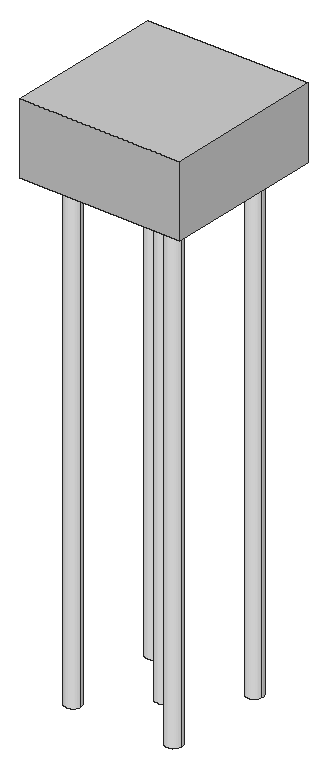
Revit family "00c0d850b2c44e97991f9b71df18ec41", category Structural Foundations, Revit 2021
Family settings
  Material for Model Behavior = Concrete
  Cap = No
  OmniClass Number = 23.25.05.11
  OmniClass Title = Foundation Piles
  Seek Item ID = Pile Cap-Rectangular w Piles-0000-USA-ENU
  Work Plane-Based = No
  Always vertical = Yes
  Cut with Voids When Loaded = No
  Shared = No
Parameters (values of type "81"x81"x36"")
  Width = 6' - 9"
  Structural Material [instance] = Concrete, Cast-in-Place gray
  Pile Type = Pile-Steel Pipe : 8" Diameter
  Length = 6' - 9"
  Foundation Thickness = 3' - 0"
  Clearance = 1' - 3"
  Assembly Code = "A1010130"
Types (3): name | Width | Pile Type | Length | Foundation Thickness
  (no name) | 6' - 9" | Pile-Steel Pipe : 8" Diameter | 6' - 9" | 3' - 0"
  81"x81"x36" | 6' - 9" | Pile-Steel Pipe : 8" Diameter | 6' - 9" | 3' - 0"
  102"x66"x44" | 8' - 6" | Pile-Steel Pipe : 10" Diameter | 5' - 6" | 3' - 8"
Reference planes (in)
  plane 1 "Center (Front/Back)": y = 0
  plane 2: z = 0
  plane 3 "Center (Left/Right)": x = 0
  plane 4: x = -40.5
  plane 5: x = 40.5
  plane 6: y = 40.5
  plane 7: y = -40.5
  plane 8: z = -36
  plane 9: x = -25.5
  plane 10: x = 25.5
  plane 11: y = 25.5
  plane 12: y = -25.5
Forms (in)
  Extrusion 1, solid, material "Concrete, Cast-in-Place gray" <- "Structural Material"
    sketch origin (0, 0, 0) x (1, 0, 0) y (0, 1, 0)
      loop
        line (-40.5, 40.5) -> (-40.5, -40.5) -> (40.5, -40.5) -> (40.5, 40.5) -> (-40.5, 40.5)
    from -36 to 0
Dimensions and locks (in)
  "Width": plane 4 to plane 5
  "Length": plane 6 to plane 7
  equal spacing: plane 6, plane 1 "Center (Front/Back)", plane 7
  equal spacing: plane 4, plane 3 "Center (Left/Right)", plane 5
  "Foundation Thickness": plane 2 to plane 8
  "Clearance": plane 4 to plane 9
  "Clearance": plane 10 to plane 5
  "Clearance": plane 6 to plane 11
  "Clearance": plane 7 to plane 12
  aligned and locked: plane 4 to Extrusion 1 sketch curve
  aligned and locked: Extrusion 1 sketch curve to plane 5
  aligned and locked: Extrusion 1 sketch curve to plane 6
  aligned and locked: plane 7 to Extrusion 1 sketch curve
  aligned and locked: level to Extrusion 1
  aligned and locked: Extrusion 1 to plane 8
  aligned and locked: nested 5 to plane 9
  aligned and locked: plane 11 to nested 5
  aligned and locked: plane 12 to nested 1
  aligned and locked: nested 1 to plane 9
  aligned and locked: plane 3 "Center (Left/Right)" to nested 3
  aligned and locked: plane 1 "Center (Front/Back)" to nested 3
  aligned and locked: plane 10 to nested 2
  aligned and locked: plane 12 to nested 2
  aligned and locked: plane 11 to nested 4
  aligned and locked: plane 10 to nested 4
  aligned and locked: plane 8 to nested 1
  aligned and locked: plane 8 to nested 3
  aligned and locked: plane 8 to nested 2
  aligned and locked: plane 8 to nested 4
  aligned and locked: plane 8 to nested 5
Nested families (in)
  nested 1: "Pile-Steel Pipe" at (-25.5, -25.5, -36), type <- "Pile Type", type "8" Diameter"
    with Structural Material Steel ASTM A572
  nested 2: "Pile-Steel Pipe" at (25.5, -25.5, -36), type <- "Pile Type", type "8" Diameter"
    with Structural Material Steel ASTM A572
  nested 3: "Pile-Steel Pipe" at (0, 0, -36), type <- "Pile Type", type "8" Diameter"
    with Structural Material Steel ASTM A572
  nested 4: "Pile-Steel Pipe" at (25.5, 25.5, -36), type <- "Pile Type", type "8" Diameter"
    with Structural Material Steel ASTM A572
  nested 5: "Pile-Steel Pipe" at (-25.5, 25.5, -36), type <- "Pile Type", type "8" Diameter"
    with Structural Material Steel ASTM A572
Definition of nested family "Pile-Steel Pipe"
  Parameters (values of type "8" Diameter")
    Structural Material [instance] = none
    Radius = Diameter / 2  # 0' - 4"
    Minimum Embedment = 0' - 6"
    Diameter = 0' - 8"
    Depth = 20' - 0"
    Assembly Code = "A1020130"
  Types (7): name | Radius | Diameter
    (no name) | 0' - 4" | 0' - 8"
    12" Diameter | 0' - 6" | 1' - 0"
    24" Diameter | 1' - 0" | 2' - 0"
    10" Diameter | 0' - 5" | 0' - 10"
    16" Diameter | 0' - 8" | 1' - 4"
    20" Diameter | 0' - 10" | 1' - 8"
    8" Diameter | 0' - 4" | 0' - 8"
  Reference planes (in)
    plane 1 "Center (Front/Back)": y = 0
    plane 2: z = 0
    plane 3 "Center (Left/Right)": x = 0
    plane 4: z = -240
    plane 5: z = 6
  Forms (in)
    Extrusion 1, solid, material <- "Structural Material"
      sketch origin (0, 0, 0) x (1, 0, 0) y (0, 1, 0)
        loop
          circle (0, 0) r 4
      from -240 to 6
  Dimensions and locks (in)
    "Depth": plane 2 to plane 4
    "Minimum Embedment": plane 5 to plane 2
    "Radius": radius of Extrusion 1 sketch curve
    aligned and locked: Extrusion 1 to plane 4
    aligned and locked: Extrusion 1 to plane 5
  Automatic sketch dimensions
    Extrusion 1 sketch curve to plane 1 "Center (Front/Back)" = 0' - 0"
    Extrusion 1 sketch curve to plane 3 "Center (Left/Right)" = 0' - 0"
